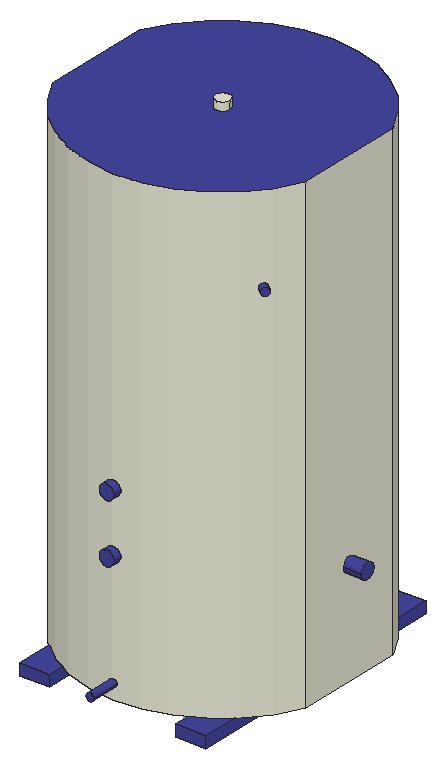
Revit family "REVIT-TR-125-215", category Mechanical Equipment, Revit 2017
Family settings
  Round Connector Dimension = Use Radius
  Part Type = Normal
  Work Plane-Based = No
  Always vertical = Yes
  Cut with Voids When Loaded = No
  Shared = No
  Room Calculation Point = No
Parameters (values of type "L 150A-TR")
  Weight = 815
  Unit Radius = Unit Diameter / 2  # 18 1/2"
  Unit Height = 65"
  Unit Diameter = 37"
  URL = "www.pvi.com"
  To Heater NPT = 2"
  SkidWidthBetweenCenters = 21"
  Skid Spacing = SkidWidthBetweenCenters - 4"  # 17"
  Skid Length = 37"
  Relief Radius = Relief NPT / 2  # 1/2"
  Relief NPT = 1"
  Relief Height = 53 1/4"
  Relief Extension = Unit Radius + 1"  # 19 1/2"
  Relief Angle = 38.00°
  Phone Number = "817-335-3419"
  Model = "L 150A-TR"
  Manway Access Radius = 6 1/2"
  Manway Acces Panel [instance] = Gallons Storage > 6.0881 m³  # no
  Manufacturer = "PVI Industries, LLC"
  Location [instance] = "Please Enter Installation Location"
  Hot Outlet Radius = Hot Outlet NPT / 2  # 1"
  Height to Upper Drain = 20"
  Gallons Storage = 4.2475 m³
  From Heater Radius = From Heater NPT / 2  # 1"
  Hot Outlet NPT = 2"
  From Heater NPT = 2"
  From Heater Height = 19"
  From Heater Extension = Unit Radius + 1"  # 19 1/2"
  Hydronic Pressure Drop [instance] = 0.00 psi
  To Heater Radius = To Heater NPT / 2  # 1"
  To Heater Height = 27"
  To Heater Extension = Unit Radius + 1"  # 19 1/2"
  Hydronic Flow [instance] = 0 GPM
  Flat Side Distance = if(Unit Radius = 18 1/2", 34", 2 * Unit Radius - 1" / 256)  # 34"
  Drain Radius = Drain NPT / 2  # 1/2"
  Drain NPT = 1"
  Drain Height = 3 1/2"
  Drain Extension = Unit Radius + 3 7/8"  # 22 3/8"
  Drain Angle = 90.00°
  Domestic Water Pressure Drop [instance] = 0.00 psi
  Domestic Water Flow [instance] = 0 GPM
  Disclaimer = "This rendering is for building modeling purposes only. Submittal/catalog is still the contract document. PVI reserves the right to change design and specification without notice."
  Description = "Storage Tanks for Hot Water"
  Controll Access Angle = 45.00°
  Manway Access Extension = if(Unit Radius < 19", 1", Unit Radius + 3")  # 1"
  Cold Inlet Radius = Cold Inlet NPT / 2  # 1"
  Cold Inlet NPT = 2"
  Cold Inlet Height = 15 3/4"
  Cold Inlet Extension = Unit Radius + 1"  # 19 1/2"
  Assembly Code = "D3040400"
  Address = "Fort Worth, TX"
Types (4): name | Weight | Unit Radius | Unit Height | Unit Diameter | SkidWidthBetweenCenters | Skid Spacing | Skid Length | Relief Height | Relief Extension | Relief Angle | Model | Height to Upper Drain | Gallons Storage | From Heater Height | From Heater Extension | To Heater Height | To Heater Extension | Flat Side Distance | Drain Extension | Controll Access Angle | Cold Inlet Height | Cold Inlet Extension
  L 125A-TR | 755 | 14 3/4" | 75" | 29 1/2" | 20" | 16" | 30" | 64 1/8" | 15 3/4" | 62.00° | "L 125A-TR" | 25.13957" | 3.5396 m³ | 15" | 15 3/4" | 23" | 15 3/4" | 29 127/256" | 18 5/8" | 50.6977° | 15" | 15 3/4"
  L 150A-TR | 815 | 18 1/2" | 65" | 37" | 21" | 17" | 37" | 53 1/4" | 19 1/2" | 38.00° | "L 150A-TR" | 20" | 4.2475 m³ | 19" | 19 1/2" | 27" | 19 1/2" | 34" | 22 3/8" | 45.00° | 15 3/4" | 19 1/2"
  L 175A-TR | 855 | 18 1/2" | 71" | 37" | 21" | 17" | 37" | 59 5/16" | 19 1/2" | 38.00° | "L 175A-TR" | 25.13957" | 4.9554 m³ | 19" | 19 1/2" | 27" | 19 1/2" | 34" | 22 3/8" | 45.00° | 15 3/4" | 19 1/2"
  L 215A-TR | 895 | 18 1/2" | 78" | 37" | 21" | 17" | 37" | 65 7/8" | 19 1/2" | 38.00° | "L 215A-TR" | 25.13957" | 6.0881 m³ | 19" | 19 1/2" | 27" | 19 1/2" | 34" | 22 3/8" | 45.00° | 15 3/4" | 19 1/2"
Reference planes (in)
  plane 1 "Center (Front/Back)": y = 0
  plane 2: z = 0
  plane 3 "Center (Left/Right)": x = 0
  plane 4 "TankBottom": z = 1.5
  plane 5 "DrainValve": z = 3.5
  plane 6 "ColdWaterInlet": z = 15.75
  plane 7 "Heater Circulate In": z = 19
  plane 8 "Heater Circulate Out": z = 27
  plane 9 "Relief Valve": z = 53.25
  plane 10 "Unit Height": z = 65
  plane 11 "Control Access": z = 32
  plane 12 "UpperDrainValveAngle": through (0, 0, 90) normal (0.891, 0.454, 0)
Forms (in)
  Extrusion 1, solid, material "Pans"
    sketch origin (0, 0, 0) x (1, 0, 0) y (0, 1, 0)
      loop
        line (-12.5, 18.5) -> (-12.5, -18.5) -> (-8.5, -18.5) -> (-8.5, 18.5) -> (-12.5, 18.5)
      loop
        line (8.5, 18.5) -> (8.5, -18.5) -> (12.5, -18.5) -> (12.5, 18.5) -> (8.5, 18.5)
    from 0 to 1.5
  Extrusion 2, solid, material "Tank"
    sketch origin (-60, -180, 1.5) x (-1, 0, 0) y (0, -1, 0)
      loop
        line (-43, -187.29726) -> (-43, -172.70274)
        arc (-43, -172.70274) -> (-60, -161.5) -> (-77, -172.70274) r 18.5
        line (-77, -172.70274) -> (-77, -187.29726)
        arc (-77, -187.29726) -> (-60, -198.5) -> (-43, -187.29726) r 18.5
    from 0 to 63.5
  Sweep 3, solid, material "Tank"
    path in 3D
      loop
        line (0, 0, 3.5) -> (0, -22.375, 3.5)
    profile origin (0, -11.1875, 3.5) x (1, 0, 0) y (0, 0, 1)
      loop
        circle (0, 0) r 0.5
  Sweep 4, solid, material "Tank"
    path in 3D
      loop
        line (0, 0, 19) -> (0, -19.5, 19)
    profile origin (0, -9.75, 19) x (1, 0, 0) y (0, 0, 1)
      loop
        circle (0, 0) r 1
  Sweep 5, solid, material "Tank"
    path in 3D
      loop
        line (0, 0, 27) -> (0, -19.5, 27)
    profile origin (0, -9.75, 27) x (1, 0, 0) y (0, 0, 1)
      loop
        circle (0, 0) r 1
  Sweep 6, solid, material "Tank"
    path in 3D
      loop
        line (0, 0, 15.75) -> (19.5, 0, 15.75)
    profile origin (9.75, 0, 15.75) x (0, 1, 0) y (0, 0, 1)
      loop
        circle (0, 0) r 1
  Sweep 7, solid, material "Tank"
    path in 3D
      loop
        line (0, 0, 53.25) -> (15.36621, -12.0054, 53.25)
    profile origin (7.6831, -6.0027, 53.25) x (0.615661, 0.788011, 0) y (0, 0, 1)
      loop
        circle (0, 0) r 0.5
  Extrusion 8, solid, material "Tank"
    sketch origin (0, 0, 65) x (-1, 0, 0) y (0, -1, 0)
      loop
        circle (0, 0) r 1
    from 0 to 1
  Sweep 9, solid, material "Tank"
    path in 3D
      loop
        line (0, 0, 32) -> (0.70711, 0.70711, 32)
    profile origin (0.35355, 0.35355, 32) x (-0.707107, 0.707107, 0) y (0, 0, 1)
      loop
        circle (0, 0.25) r 6.5
Cuts and joins
  joined: Extrusion 2, Sweep 3, Sweep 4, Sweep 5, Sweep 6, Sweep 7, Extrusion 8, Sweep 9
Lines and regions (in)
  reference lines
    curve 1: line (0, 0, 3.5) -> (0, -22.375, 3.5)
    curve 2: line (0, 0, 15.75) -> (19.5, 0, 15.75)
    curve 3: line (0, 0, 19) -> (0, -19.5, 19)
    curve 4: line (0, 0, 27) -> (0, -19.5, 27)
    curve 5: line (0, 0, 53.25) -> (15.36621, -12.0054, 53.25)
    curve 11: line (0, 0, 1.5) -> (0, 0, 65)
    curve 12: line (0, 0, 32) -> (0.70711, 0.70711, 32)
  sketch lines
    curve 6: line (0, 0, 3.5) -> (0, -22.375, 3.5)
    curve 7: line (0, 0, 19) -> (0, -19.5, 19)
    curve 8: line (0, 0, 27) -> (0, -19.5, 27)
    curve 9: line (0, 0, 15.75) -> (19.5, 0, 15.75)
    curve 10: line (0, 0, 53.25) -> (15.36621, -12.0054, 53.25)
    curve 13: line (0, 0, 32) -> (0.70711, 0.70711, 32)
Dimensions and locks (in)
  equal spacing: Extrusion 1 sketch curve, plane 3 "Center (Left/Right)", Extrusion 1 sketch curve
  Extrusion 1 sketch curve to Extrusion 1 sketch curve = 4"  (x2)
  "Skid Spacing": Extrusion 1 sketch curve to Extrusion 1 sketch curve
  "Skid Length": Extrusion 1 sketch curve to Extrusion 1 sketch curve
  equal spacing: Extrusion 1 sketch curve, plane 1 "Center (Front/Back)", Extrusion 1 sketch curve
  "Drain Extension": curve 1 to curve 1
  "Cold Inlet Extension": curve 2 to curve 2
  "From Heater Extension": curve 3 to curve 3
  "To Heater Extension": curve 4 to curve 4
  "Relief Extension": curve 5 to curve 5
  locked: plane 4 "TankBottom" to level at 1.5
  "Drain Height": plane 5 "DrainValve" to level
  "Cold Inlet Height": plane 6 "ColdWaterInlet" to level
  "From Heater Height": plane 7 "Heater Circulate In" to level
  "To Heater Height": plane 8 "Heater Circulate Out" to level
  "Relief Height": plane 9 "Relief Valve" to level
  equal spacing: Extrusion 2 sketch curve, plane 3 "Center (Left/Right)", Extrusion 2 sketch curve
  "Flat Side Distance": Extrusion 2 sketch curve to Extrusion 2 sketch curve
  "Unit Height": plane 10 "Unit Height" to level
  locked: plane 11 "Control Access" to level at 32
  "Manway Access Extension": curve 12 to curve 12
  "Drain Radius": radius of Sweep 3 sketch curve
  "From Heater Radius": radius of Sweep 4 sketch curve
  "To Heater Radius": radius of Sweep 5 sketch curve
  "Cold Inlet Radius": radius of Sweep 6 sketch curve
  "Relief Radius": radius of Sweep 7 sketch curve
  "Unit Radius": radius of Extrusion 2 sketch curve  (x2)
  "Hot Outlet Radius": radius of Extrusion 8 sketch curve
  "Manway Access Radius": radius of Sweep 9 sketch curve
  "Drain Angle": angle curve 1 to plane 1 "Center (Front/Back)"
  "Relief Angle": angle curve 5 to plane 1 "Center (Front/Back)"
  "Controll Access Angle": angle plane 1 "Center (Front/Back)" to curve 12
  angle plane 12 "UpperDrainValveAngle" to plane 1 "Center (Front/Back)" = 63.00°
  aligned and locked: Extrusion 1 sketch curve to Extrusion 1 sketch curve  (x2)
  aligned and locked: plane 1 "Center (Front/Back)" to curve 1
  aligned and locked: plane 3 "Center (Left/Right)" to curve 1
  aligned and locked: plane 3 "Center (Left/Right)" to curve 2
  aligned and locked: plane 1 "Center (Front/Back)" to curve 2
  aligned and locked: plane 1 "Center (Front/Back)" to curve 3
  aligned and locked: curve 3 to plane 3 "Center (Left/Right)"
  aligned and locked: plane 1 "Center (Front/Back)" to curve 4
  aligned and locked: curve 4 to plane 3 "Center (Left/Right)"
  aligned and locked: plane 1 "Center (Front/Back)" to curve 5
  aligned and locked: curve 5 to curve 4
  aligned and locked: plane 10 "Unit Height" to cut or joined group of Extrusion 2, Sweep 3, Sweep 4, Sweep 5, Sweep 6, Sweep 7, Extrusion 8, Sweep 9
  aligned and locked: plane 10 "Unit Height" to curve 11
  aligned and locked: plane 4 "TankBottom" to curve 11
  aligned and locked: plane 1 "Center (Front/Back)" to curve 11
  aligned and locked: plane 3 "Center (Left/Right)" to Extrusion 8 sketch curve
  aligned and locked: plane 1 "Center (Front/Back)" to Extrusion 8 sketch curve
Automatic sketch dimensions
  Sweep 3 sketch curve to profile plane = 0"  (x2)
  Sweep 4 sketch curve to profile plane = 0"  (x2)
  Sweep 5 sketch curve to profile plane = 0"  (x2)
  Sweep 6 sketch curve to profile plane = 0"  (x2)
  Sweep 7 sketch curve to profile plane = 0"  (x2)
  Sweep 9 sketch curve to profile plane = 0"
  profile plane to Sweep 9 sketch curve = 1/4"
  Extrusion 2 sketch curve to Extrusion 2 sketch curve = 0"  (x2)
  plane 1 "Center (Front/Back)" to Extrusion 2 sketch curve = 0"
  Extrusion 2 sketch curve to plane 3 "Center (Left/Right)" = 0"
  plane 1 "Center (Front/Back)" to curve 12 = 0"
  curve 12 to plane 3 "Center (Left/Right)" = 0"
Connectors (in)
  piping at (0, 0, 66), diameter 2, driven by "Domestic Water Flow", driven by "Domestic Water Pressure Drop", driven by "Hot Outlet Radius"
    settings: on cut or joined group of Extrusion 2, Sweep 3, Sweep 4, Sweep 5, Sweep 6, Sweep 7, Extrusion 8, Sweep 9, index 1, connector inside diameter 2", connector length 0", flow factor 0, pipe flow 0 GPM, pressure drop 0.00 psi, fitting loss kfactor 0, connector angle 0.00°, fixture units 0, engagement length 0", angle of deflection 0.00°, flow configuration 0, flow direction 2, fitting loss method 4, system type 19, joint type 0, gender type 0, connector reference index 2, connector utility 0, adjustable connector no, is connector primary yes, connector description "Potable Hot Water"
  piping at (19.5, 0, 15.75), diameter 2, driven by "Domestic Water Flow", driven by "Cold Inlet Radius"
    settings: on cut or joined group of Extrusion 2, Sweep 3, Sweep 4, Sweep 5, Sweep 6, Sweep 7, Extrusion 8, Sweep 9, index 2, connector inside diameter 2", connector length 0", flow factor 0, pipe flow 0 GPM, pressure drop 0.00 psi, fitting loss kfactor 0, connector angle 0.00°, fixture units 0, engagement length 0", angle of deflection 0.00°, flow configuration 0, flow direction 1, fitting loss method 0, system type 20, joint type 0, gender type 0, connector reference index 1, connector utility 0, adjustable connector no, is connector primary no, connector description "Potable Cold Water"
  piping at (0, -19.5, 27), diameter 2, driven by "Hydronic Flow", driven by "To Heater Radius"
    settings: on cut or joined group of Extrusion 2, Sweep 3, Sweep 4, Sweep 5, Sweep 6, Sweep 7, Extrusion 8, Sweep 9, index 3, connector inside diameter 2", connector length 0", flow factor 0, pipe flow 0 GPM, pressure drop 0.00 psi, fitting loss kfactor 0, connector angle 0.00°, fixture units 0, engagement length 0", angle of deflection 0.00°, flow configuration 0, flow direction 2, fitting loss method 0, system type 7, joint type 0, gender type 0, connector reference index 4, connector utility 0, adjustable connector no, is connector primary no, connector description "To Heater"
  piping at (0, -19.5, 19), diameter 2, driven by "Hydronic Flow", driven by "Hydronic Pressure Drop", driven by "From Heater Radius"
    settings: on cut or joined group of Extrusion 2, Sweep 3, Sweep 4, Sweep 5, Sweep 6, Sweep 7, Extrusion 8, Sweep 9, index 4, connector inside diameter 2", connector length 0", flow factor 0, pipe flow 0 GPM, pressure drop 0.00 psi, fitting loss kfactor 0, connector angle 0.00°, fixture units 0, engagement length 0", angle of deflection 0.00°, flow configuration 0, flow direction 1, fitting loss method 4, system type 8, joint type 0, gender type 0, connector reference index 3, connector utility 0, adjustable connector no, is connector primary no, connector description "From Heater"
  piping at (0, -22.375, 3.5), diameter 1, driven by "Drain Radius"
    settings: on cut or joined group of Extrusion 2, Sweep 3, Sweep 4, Sweep 5, Sweep 6, Sweep 7, Extrusion 8, Sweep 9, index 5, connector inside diameter 1", connector length 0", flow factor 0, pipe flow 0 GPM, pressure drop 0.00 psi, fitting loss kfactor 0, connector angle 0.00°, fixture units 0, engagement length 0", angle of deflection 0.00°, flow configuration 1, flow direction 2, fitting loss method 0, system type 16, joint type 0, gender type 0, connector reference index -1, connector utility 0, adjustable connector no, is connector primary no, connector description "Drain Connection"
  piping at (15.36621, -12.0054, 53.25), diameter 1, driven by "Relief Radius"
    settings: on cut or joined group of Extrusion 2, Sweep 3, Sweep 4, Sweep 5, Sweep 6, Sweep 7, Extrusion 8, Sweep 9, index 6, connector inside diameter 1", connector length 0", flow factor 0, pipe flow 0 GPM, pressure drop 0.00 psi, fitting loss kfactor 0, connector angle 0.00°, fixture units 0, engagement length 0", angle of deflection 0.00°, flow configuration 1, flow direction 2, fitting loss method 0, system type 16, joint type 0, gender type 0, connector reference index -1, connector utility 0, adjustable connector no, is connector primary no, connector description "Relief Connection"
